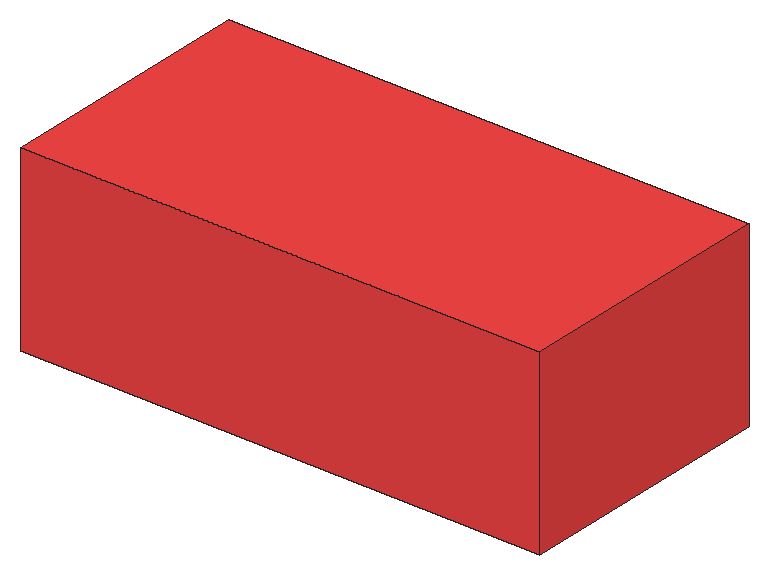
Revit family "Задание_Стена_Прямоугольник_БезОсновы1", category Окна, Revit 2019
Family settings
  На основе рабочей плоскости = Нет
  Всегда вертикально = Да
  При загрузке вырезать с полостями = Да
  Общий = Нет
  Точка расчета площади = Нет
Parameters (values of type "Задание_Стена_Прямоугольное")
  Width = 0 mm  # constant formula
  Согласованно [instance] = not(Несогласованно)  # no
  Размер обозначения [instance] = if(Отверстие_Ширина > Отверстие_Высота, Отверстие_Ширина / 5, Отверстие_Высота / 5)  # 80 mm
  Rough Width = 0 mm  # constant formula
  Rough Height = 0 mm  # constant formula
  Позиция [instance] = ""
  Отверстие_Ширина [instance] = 400 mm
  Отверстие_Отметка этажа [instance] = 0 mm
  Отверстие_Отметка от этажа [instance] = 0 mm
  Отверстие_Отметка от нуля [instance] = (Отверстие_Отметка от этажа + Отверстие_Отметка этажа)  # 0 mm
  Отверстие_Дисциплина [instance] = ""
  Отверстие_Дата [instance] = ""
  Отверстие_Глубина [instance] = 200 mm
  Отверстие_Высота [instance] = 140 mm
  Отверстие = yes
  Несогласованно [instance] = yes
  Материал стены [instance] = ""
  Люк = not(Отверстие)  # no
  Коллизии [instance] = ""
  Инструкция [instance] = "https://docs.google.com/document/d/1dWthfLxqsksj-u4klXlJBslAAIWb7P7Y/edit"
  Группа модели = "Задание"  # constant formula
  Height = 0 mm  # constant formula
  Видимость_вверх [instance] = 2400 mm
  Аналитическая конструкция = "<Нет>"
  Y [instance] = 0
  X [instance] = 0
Reference planes
  plane 1 "По центру (Вперед/Назад)": y = -50
  plane 2: z = 0
  plane 3 "По центру (Влево/Вправо)": x = -50
  plane 4: y = 50
  plane 5: x = 150
  plane 6: x = -250
  plane 7: y = -150
  plane 8: z = 0
  plane 9 "Корректировка": z = 2400
Forms (mm)
  Extrusion 1, void
    sketch origin (0, 179.066, 0) x (0, 1, 0) y (-1, 0, 0)
      loop
        line (-129.066, 250) -> (-329.066, 250) -> (-329.066, -150) -> (-129.066, -150) -> (-129.066, 250)
    from 0 to 140 <- "Отверстие_Высота"
  Extrusion 2, solid, material "Согласованное_Отверстие", visible <- "Согласованно"
    sketch origin (-249.666, -150, 1200) x (-1, 0, 0) y (0, 0, -1)
      loop
        line (-399.666, 1060) -> (0.334, 1060) -> (0.334, 1200) -> (-399.666, 1200) -> (-399.666, 1060)
    from 0 to -200
  Extrusion 3, solid, material "Не Соглас_Отверстие", visible <- "Несогласованно"
    sketch origin (-249.666, -150, 1200) x (-1, 0, 0) y (0, 0, -1)
      loop
        line (-399.666, 1060) -> (0, 1060) -> (0, 1200) -> (-399.666, 1200) -> (-399.666, 1060)
    from 0 to -200
Lines and regions (mm)
  model lines, detail levels coarse
    curve 1: line (-50, -50, 0) -> (-50, -50, 2400)
  model lines
    curve 2: line (-250, -150, 140) -> (150, -150, 140)
    curve 3: line (-250, -150, 0) -> (-250, -150, 140)
    curve 4: line (150, -150, 0) -> (-250, -150, 0)
    curve 5: line (150, -150, 140) -> (150, -150, 0)
  model lines, style "InvisibleLines"
    curve 6: line (165.345, -28.125, 0) -> (199.095, 28.125, 0)
    curve 7: line (165.345, 28.125, 0) -> (199.095, -28.125, 0)
    curve 8: line (255.345, 0, 0) -> (199.095, 0, 0)
    curve 9: line (255.345, 0, 0) -> (240.512, -5.399, 0)
    curve 10: line (255.345, 0, 0) -> (240.512, 5.399, 0)
    curve 11: line (199.095, 0, 0) -> (213.928, -5.399, 0)
    curve 12: line (199.095, 0, 0) -> (213.928, 5.399, 0)
    curve 27: line (-250, -50, 0) -> (150, -50, 0)
    curve 28: line (-50, 50, 0) -> (-50, -150, 0)
    curve 29: line (-86, 94.938, 0) -> (-68, 124.938, 0)
    curve 30: line (-104, 124.938, 0) -> (-86, 94.938, 0)
    curve 31: line (-50, 124.938, 0) -> (-50, 64.938, 0)
    curve 32: line (-50, 124.938, 0) -> (-44.241, 109.116, 0)
    curve 33: line (-50, 124.938, 0) -> (-55.759, 109.116, 0)
    curve 34: line (-50, 64.938, 0) -> (-44.241, 80.76, 0)
    curve 35: line (-50, 64.938, 0) -> (-55.759, 80.76, 0)
    curve 36: line (-86, 94.938, 0) -> (-86, 64.938, 0)
    curve 54: line (170.095, -150, 170) -> (270.095, -150, 170)
    curve 55: line (270.095, -150, 170) -> (170.095, -150, 30)
    curve 56: line (170.095, -150, 30) -> (270.095, -150, 30)
    curve 57: line (351, -150, 170) -> (351, -150, 30)
    curve 58: line (351, -150, 170) -> (389.891, -150, 131.109)
    curve 59: line (351, -150, 170) -> (312.109, -150, 131.109)
    curve 60: line (351, -150, 30) -> (389.891, -150, 68.891)
    curve 61: line (351, -150, 30) -> (312.109, -150, 68.891)
  model lines, style "InvisibleLines", not visible
    curve 13: line (28.629, 15.438, 0) -> (43.629, 40.438, 0)
    curve 14: line (28.629, 40.438, 0) -> (43.629, 15.438, 0)
    curve 15: line (68.629, 27.938, 0) -> (43.629, 27.938, 0)
    curve 16: line (68.629, 27.938, 0) -> (62.036, 25.539, 0)
    curve 17: line (68.629, 27.938, 0) -> (62.036, 30.337, 0)
    curve 18: line (43.629, 27.938, 0) -> (50.221, 25.539, 0)
    curve 19: line (43.629, 27.938, 0) -> (50.221, 30.337, 0)
    curve 20: line (190.345, 15.562, 0) -> (224.095, 71.812, 0)
    curve 21: line (190.345, 71.812, 0) -> (224.095, 15.562, 0)
    curve 22: line (280.345, 43.687, 0) -> (224.095, 43.687, 0)
    curve 23: line (280.345, 43.687, 0) -> (265.512, 38.288, 0)
    curve 24: line (280.345, 43.687, 0) -> (265.512, 49.086, 0)
    curve 25: line (224.095, 43.687, 0) -> (238.928, 38.288, 0)
    curve 26: line (224.095, 43.687, 0) -> (238.928, 49.086, 0)
    curve 37: line (317.866, -74.537, 0) -> (325.366, -62.037, 0)
    curve 38: line (310.366, -62.037, 0) -> (317.866, -74.537, 0)
    curve 39: line (332.866, -62.037, 0) -> (332.866, -87.037, 0)
    curve 40: line (332.866, -62.037, 0) -> (335.266, -68.63, 0)
    curve 41: line (332.866, -62.037, 0) -> (330.467, -68.63, 0)
    curve 42: line (332.866, -87.037, 0) -> (335.266, -80.445, 0)
    curve 43: line (332.866, -87.037, 0) -> (330.467, -80.445, 0)
    curve 44: line (317.866, -74.537, 0) -> (317.866, -87.037, 0)
    curve 45: line (-79.309, 180.938, 0) -> (-61.309, 210.938, 0)
    curve 46: line (-97.309, 210.938, 0) -> (-79.309, 180.938, 0)
    curve 47: line (-43.309, 210.938, 0) -> (-43.309, 150.938, 0)
    curve 48: line (-43.309, 210.938, 0) -> (-37.55, 195.116, 0)
    curve 49: line (-43.309, 210.938, 0) -> (-49.068, 195.116, 0)
    curve 50: line (-43.309, 150.938, 0) -> (-37.55, 166.76, 0)
    curve 51: line (-43.309, 150.938, 0) -> (-49.068, 166.76, 0)
    curve 52: line (-79.309, 180.938, 0) -> (-79.309, 150.938, 0)
    curve 62: line (199.095, -150, 170) -> (299.095, -150, 170)
    curve 63: line (299.095, -150, 170) -> (199.095, -150, 30)
    curve 64: line (199.095, -150, 30) -> (299.095, -150, 30)
    curve 65: line (380, -150, 170) -> (380, -150, 30)
    curve 66: line (380, -150, 170) -> (418.891, -150, 131.109)
    curve 67: line (380, -150, 170) -> (341.109, -150, 131.109)
    curve 68: line (380, -150, 30) -> (418.891, -150, 68.891)
    curve 69: line (380, -150, 30) -> (341.109, -150, 68.891)
  model lines, visible <- "Люк"
    curve 53: line (150, -150, 0) -> (-236.37, -253.528, 0)
Dimensions and locks
  "Отверстие_Ширина": plane 6 to plane 5
  "Отверстие_Глубина": plane 7 to plane 4
  equal spacing: plane 6, plane 3 "По центру (Влево/Вправо)", plane 5
  equal spacing: plane 4, plane 1 "По центру (Вперед/Назад)", plane 7
  "Видимость_вверх": plane 9 "Корректировка" to level
  locked: plane 5 to curve 7 at 15.345
  locked: nested 1 to curve 35 at 14.938
  "Отверстие_Ширина": curve 53 to curve 53
  locked: curve 54 to Extrusion 2 at 20.095
  locked: curve 54 to Extrusion 2 at 30
  angle nested 1 to curve 53 = 15.00°
  aligned and locked: level to plane 2
  aligned and locked: Extrusion 1 sketch curve to plane 6
  aligned and locked: Extrusion 1 sketch curve to plane 5
  aligned and locked: nested 1 to plane 7
  aligned and locked: plane 6 to nested 1
  aligned and locked: nested 1 to plane 5
  aligned and locked: nested 1 to plane 4
  aligned and locked: curve 1 to plane 1 "По центру (Вперед/Назад)"
  aligned and locked: plane 9 "Корректировка" to curve 1
  aligned and locked: level to curve 1
  aligned and locked: plane 4 to Extrusion 2
  aligned and locked: plane 7 to Extrusion 1
  aligned and locked: plane 4 to Extrusion 1
  aligned and locked: curve 2 to Extrusion 1
  aligned and locked: curve 3 to Extrusion 1
  aligned and locked: curve 4 to Extrusion 1
  aligned and locked: curve 5 to Extrusion 1
  aligned and locked: plane 5 to Extrusion 2 sketch curve
  aligned and locked: Extrusion 2 sketch curve to level
  aligned and locked: plane 6 to Extrusion 2 sketch curve
  aligned and locked: Extrusion 2 sketch curve to Extrusion 1
  aligned and locked: Extrusion 1 to curve 28
  aligned and locked: curve 2 to curve 28
  aligned and locked: Extrusion 1 to curve 27  (x2)
  aligned and locked: nested 1 to curve 53
  aligned and locked: Extrusion 2 to plane 7
  aligned and locked: plane 4 to Extrusion 3
  aligned and locked: plane 5 to Extrusion 3
  aligned and locked: Extrusion 3 to plane 7
  aligned and locked: Extrusion 3 to Extrusion 1
Automatic sketch dimensions
  curve 1 to plane 1 "По центру (Вперед/Назад)" = 0 mm
  Extrusion 1 sketch curve to plane 7 = 0 mm
  Extrusion 1 sketch curve to plane 4 = 0 mm
  Extrusion 3 sketch curve to level = 0 mm
  plane 5 to Extrusion 3 sketch curve = 0 mm
  plane 6 to Extrusion 3 sketch curve = 0.334 mm
  Extrusion 3 sketch curve to level = 140 mm
  curve 28 to plane 3 "По центру (Влево/Вправо)" = 0 mm
  curve 53 to plane 5 = 0 mm
  plane 7 to curve 53 = 0 mm
  plane 1 "По центру (Вперед/Назад)" to curve 27 = 0 mm
  curve 53 to plane 6 = 13.63 mm
Nested families
  nested 1: "Заполнение (план)" at (-50, -150, 0), Красный <- "Несогласованно", type "Стандарт"
    with Черный no, Красный yes, Masking length 400 mm, Masking depth 200 mm
Definition of nested family "Заполнение (план)"
  Parameters (values of type "Красный")
    Черный [instance] = not(Красный)  # no
    Красный [instance] = yes
    Assembly Code = ""
    Masking length [instance] = 400 mm
    Masking depth [instance] = 300 mm
  Reference planes
    plane 1 "Break Line": y = 0
    plane 2: z = 0
    plane 3: x = -200
    plane 4: x = 200
    plane 5: y = 300
  Lines and regions (mm)
    Filled region 1, type "Черный", in view "Ground floor", visible <- "Черный"
      outline origin (0, 0, 0) x (1, 0, 0) y (0, 1, 0)
        loop
          line (-200, 0) -> (200, 0) -> (200, 300) -> (-200, 300) -> (-200, 0)
    Filled region 2, type "Красный", in view "Ground floor", visible <- "Красный"
      outline origin (0, 0, 0) x (1, 0, 0) y (0, 1, 0)
        loop
          line (-200, 0) -> (200, 0) -> (200, 300) -> (-200, 300) -> (-200, 0)
    detail lines, in view "Ground floor"
      curve 1: line (-200, 300, 0) -> (200, 0, 0)
      curve 2: line (-200, 0, 0) -> (200, 300, 0)
  Dimensions and locks
    "Masking depth": plane 1 "Break Line" to plane 5
    "Masking length": plane 3 to plane 4
    plane 3 to Filled region 2 = 400 mm
    aligned and locked: plane 3 to Filled region 1
    aligned and locked: plane 5 to Filled region 1 sketch curve
    aligned and locked: plane 1 "Break Line" to Filled region 1 sketch curve
    aligned and locked: plane 4 to Filled region 1 sketch curve
    aligned and locked: Filled region 1 sketch curve to plane 3
    aligned and locked: plane 5 to curve 1
    aligned and locked: plane 4 to curve 1
    aligned and locked: plane 3 to curve 2
    aligned and locked: plane 5 to curve 2
    aligned and locked: Filled region 2 to plane 4
    aligned and locked: Filled region 2 to plane 5
    aligned and locked: plane 3 to Filled region 2
    aligned and locked: plane 1 "Break Line" to Filled region 2
  Automatic sketch dimensions
    curve 1 to plane 3 = 0 mm
    curve 2 to plane 4 = 0 mm
    plane 1 "Break Line" to curve 1 = 0 mm
    plane 1 "Break Line" to curve 2 = 0 mm
    Filled region 2 sketch curve to plane 3 = 0 mm
    plane 4 to Filled region 2 sketch curve = 0 mm
    Filled region 2 sketch curve to plane 1 "Break Line" = 0 mm
    plane 5 to Filled region 2 sketch curve = 0 mm
